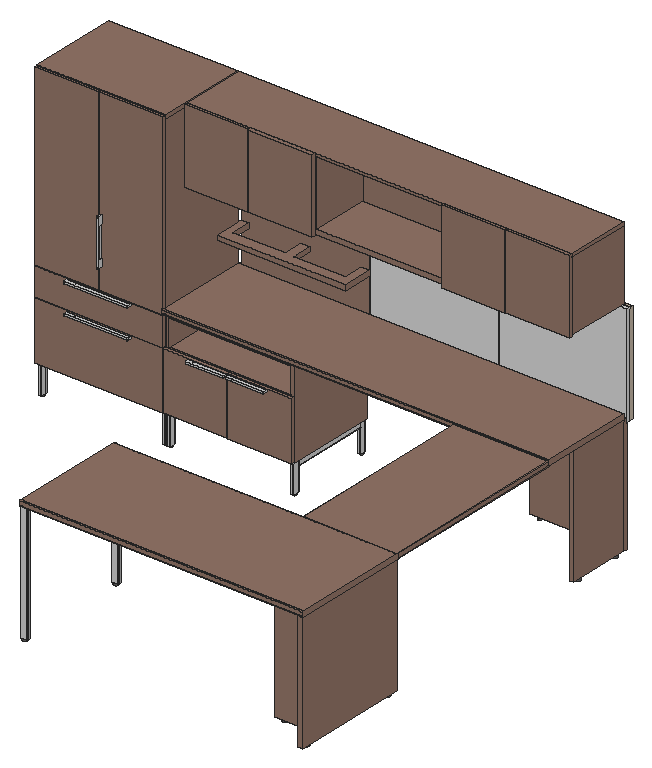
Revit family "FLV011", category Furniture, Revit 2019 (continued)
Definition of nested family "JSI-Flux-Wardrobe-Pm_Ht"
  Forms (in)
    Extrusion 9, solid, material <- "Shelf"
      from -9.90625 to 9.25
    Extrusion 10, solid, material <- "Door Front"
      sketch origin (0, 0, 0) x (1, 0, 0) y (0, 1, 0)
        loop
          line (-35.97038, -10.3125) -> (-35.97038, -11.0625) -> (-18.09538, -11.0625) -> (-18.09538, -10.3125) -> (-35.97038, -10.3125)
      from 7.3125 to 69.09375
    Extrusion 11, solid, material <- "Chassis", visible <- "Partition"
      sketch origin (0, 0, 0) x (1, 0, 0) y (0, 1, 0)
        loop
          line (-24.78288, 9.90625) -> (-24.78288, -10.25) -> (-24.03288, -10.25) -> (-24.03288, 9.90625) -> (-24.78288, 9.90625)
      from 7.9375 to 68.46875
    Extrusion 12, void
      sketch origin (0, 0, 0) x (1, 0, 0) y (0, 1, 0)
        loop
          line (-24.09538, -10.3125) -> (-24.09538, -11.3125) -> (-23.97038, -11.3125) -> (-23.97038, -10.3125) -> (-24.09538, -10.3125)
      from 7.1875 to 69.21875
    Extrusion 13, void
      sketch origin (0, 0, 0) x (1, 0, 0) y (0, 0, 1)
        loop
          line (-36.06413, 27.625) -> (-24.06413, 27.625) -> (-24.06413, 27.75) -> (-36.06413, 27.75) -> (-36.06413, 27.625)
      from 10.3125 to 11.3125
    Extrusion 14, void
      sketch origin (0, 0, 0) x (1, 0, 0) y (0, 0, 1)
        loop
          line (-36.06413, 21) -> (-36.06413, 20.875) -> (-24.06413, 20.875) -> (-24.06413, 21) -> (-36.06413, 21)
      from 10.3125 to 11.3125
    Extrusion 15, void
      sketch origin (0, 0, 0) x (1, 0, 0) y (0, 0, 1)
        loop
          line (-36.06413, 69.21875) -> (-36.06413, 27.75) -> (-24.06413, 27.75) -> (-24.06413, 69.21875) -> (-36.06413, 69.21875)
      from 10.3125 to 11.3125
    Extrusion 16, void
      sketch origin (0, 0, 0) x (1, 0, 0) y (0, 1, 0)
        loop
          line (-24.09538, -12.3125) -> (-24.09538, -13.3125) -> (-23.97038, -13.3125) -> (-23.97038, -12.3125) -> (-24.09538, -12.3125)
      from 27.625 to 69.21875
  Cuts and joins
    Extrusion 12, Extrusion 13, Extrusion 14, Extrusion 15, Extrusion 16 cuts Extrusion 10
  Lines and regions (in)
    symbolic lines
      curve 1: line (-36.06413, 10.75, 0) -> (-36.06413, -10.28125, 0)
      curve 2: line (-18.00163, 10.75, 0) -> (-36.06413, 10.75, 0)
      curve 3: line (-18.00163, -10.28125, 0) -> (-36.06413, -10.28125, 0)
      curve 4: line (-18.00163, 10.75, 0) -> (-18.00163, -10.28125, 0)
      curve 15: line (-35.97038, -10.3125, 0) -> (-35.97038, -11.0625, 0)
      curve 16: line (-18.09538, -10.3125, 0) -> (-23.97038, -10.3125, 0)
      curve 17: line (-18.09538, -11.0625, 0) -> (-23.97038, -11.0625, 0)
      curve 18: line (-18.09538, -10.3125, 0) -> (-18.09538, -11.0625, 0)
      curve 21: line (-24.09538, -10.3125, 0) -> (-35.97038, -10.3125, 0)
      curve 22: line (-24.09538, -11.0625, 0) -> (-35.97038, -11.0625, 0)
      curve 29: line (45.63504, 0, 21) -> (-60, 0, 21)
    symbolic lines, detail levels medium+fine
      curve 5: line (-36.03288, 10.71875, 0) -> (-36.03288, -10.25, 0)
      curve 6: line (-35.28288, 10.71875, 0) -> (-35.28288, -10.25, 0)
      curve 7: line (-18.78288, 10.71875, 0) -> (-18.78288, -10.25, 0)
      curve 8: line (-18.03288, 10.71875, 0) -> (-18.03288, -10.25, 0)
      curve 9: line (-35.28288, 10.71875, 0) -> (-36.03288, 10.71875, 0)
      curve 10: line (-35.28288, -10.25, 0) -> (-36.03288, -10.25, 0)
      curve 11: line (-18.03288, 10.71875, 0) -> (-18.78288, 10.71875, 0)
      curve 12: line (-18.03288, -10.25, 0) -> (-18.78288, -10.25, 0)
      curve 13: line (-18.78288, 10.65625, 0) -> (-35.28288, 10.65625, 0)
      curve 14: line (-18.78288, 9.90625, 0) -> (-35.28288, 9.90625, 0)
    symbolic lines, visible <- "F"
      curve 19: line (-24.09538, -10.3125, 0) -> (-24.09538, -11.0625, 0)
      curve 20: line (-23.97038, -10.3125, 0) -> (-23.97038, -11.0625, 0)
    symbolic lines, visible <- "FD"
      curve 23: line (-24.09538, -10.3125, 0) -> (-23.97038, -10.3125, 0)
      curve 24: line (-24.09538, -11.0625, 0) -> (-23.97038, -11.0625, 0)
    symbolic lines, visible <- "Door Line"
      curve 25: line (-24.09538, -10.3125, 0) -> (-24.09538, -11.0625, 0)
      curve 26: line (-23.97038, -10.3125, 0) -> (-23.97038, -11.0625, 0)
    symbolic lines, visible <- "W"
      curve 27: line (-24.09538, -11.0625, 0) -> (-23.97038, -11.0625, 0)
      curve 28: line (-24.09538, -10.3125, 0) -> (-23.97038, -10.3125, 0)
  Dimensions and locks (in)
    locked: plane 2 "Center (Left/Right)" to plane 5 at 0.03125
    locked: plane 6 to plane 4 at 0.03125
    "Width": plane 2 "Center (Left/Right)" to plane 4
    locked: plane 7 to plane 3 "Center (Front/Back)" at 0.03125
    locked: plane 5 to plane 9 at 0.75
    locked: plane 10 to plane 6 at 0.75
    equal spacing: plane 2 "Center (Left/Right)", plane 11, plane 4
    "Height": plane 12 to plane 1
    locked: plane 12 to plane 16 at 0.75
    plane 13 to plane 1 = 0' - 7 3/16"
    locked: plane 15 to plane 14 at 0.75
    plane 18 to plane 17 to plane 7 = 0' - 0 3/4" locked, 0' - 0 1/16" locked
    plane 38 to plane 8 to plane 19 = 0' - 0 1/32", 0' - 0 1/32"
    locked: plane 9 to plane 20 at 1
    locked: plane 21 to plane 10 at 1
    locked: plane 19 to plane 22 at 1
    locked: plane 23 to plane 18 at 1
    locked: curve 5 to curve 6 at 0.75
    locked: curve 7 to curve 8 at 0.75
    locked: plane 25 to plane 13 at 0.125
    locked: plane 5 to plane 26 at 0.0625
    locked: plane 27 to plane 6 at 0.0625
    plane 28 to plane 11 to plane 29 = 0' - 0 1/16" locked, 0' - 0 1/16" locked
    locked: plane 12 to plane 30 at 0.125
    locked: plane 32 to plane 31 at 0.75
    "Bottom_Shelf_ Dist": plane 32 to plane 15
    "Bottom Door Height": plane 51 to plane 25
    plane 34 to plane 33 to plane 35 = 0' - 0 3/8" locked, 0' - 0 3/8" locked
    locked: plane 36 to plane 37 at 0.75
    locked: plane 24 to plane 38 at 0.75
    "Depth": plane 24 to plane 3 "Center (Front/Back)"
    "C_Shelf_Width": Extrusion 6 sketch curve to Extrusion 6 sketch curve
    "Bottom_Shelf_Width": Extrusion 7 sketch curve to Extrusion 7 sketch curve
    "H_Dist_Bottom_Shelf": Extrusion 7 to plane 9
    "H_Dist_C_Panel": Extrusion 6 to plane 9
    "Top_Shelf_Width": Extrusion 8 sketch curve to Extrusion 8 sketch curve
    locked: Extrusion 8 sketch curve to Extrusion 8 sketch curve at 0.75
    "Top_Shelf_Width": Extrusion 9 sketch curve to Extrusion 9 sketch curve
    locked: Extrusion 9 sketch curve to Extrusion 9 sketch curve at 0.75
    group 1 to group 2 = 0' - 0"  (x2)
    group 2 to group 1 = 1' - 1.24375"
    "H_Dist_Top_Shelf": Extrusion 8 to plane 2 "Center (Left/Right)"
    "Top_Shelf_Dist": plane 12 to Extrusion 8
    "Top_Shelf_Array_Dist": Extrusion 8 to Extrusion 9
    locked: plane 32 to plane 47 at 0.3125
    locked: plane 48 to plane 47 at 0.125
    plane 50 to plane 49 to plane 51 = 0' - 0 1/16" locked, 0' - 0 1/16" locked
    locked: plane 52 to plane 53 at 0.75
    "Partition Dist": plane 2 "Center (Left/Right)" to plane 52
    locked: plane 54 to plane 55 at 0.125
    "H_Dist_V_Void": plane 2 "Center (Left/Right)" to plane 54
    "H_Void_Width": plane 56 to plane 57
    "H_Void_H_Dist": plane 2 "Center (Left/Right)" to plane 56
    "V_Void_Dist": plane 39 to plane 38
    "H_Void_Top_Dist": plane 41 to plane 38
    "H_Void_C_Dist": plane 43 to plane 38
    "H_Void_Bottom_Dist": plane 45 to plane 38
    locked: plane 40 to plane 39 at 1
    locked: plane 42 to plane 41 at 1
    locked: plane 44 to plane 43 at 1
    locked: plane 46 to plane 45 at 1
    locked: plane 59 to plane 58 at 1
    "H_Void_Upper_Dist": plane 58 to plane 38
    equal spacing: plane 19, plane 61, plane 3 "Center (Front/Back)"
    locked: plane 12 to plane 62 at 3.625
    "Hanger_Dist": plane 2 "Center (Left/Right)" to plane 60
    locked: plane 47 to plane 66 at 0.20313
    locked: plane 51 to plane 67 at 0.20312
    "Top_Pull_Dist": plane 2 "Center (Left/Right)" to plane 63
    "C_Pull_Dist": plane 2 "Center (Left/Right)" to plane 64
    "Bottom_Pull_Dist": plane 2 "Center (Left/Right)" to plane 65
    equal spacing: plane 12, plane 70, plane 13
    "L_Vertical_Pull_Dist": plane 2 "Center (Left/Right)" to plane 68
    "R_Vertical_Pull_Dist": plane 2 "Center (Left/Right)" to plane 69
    "Top_2_Pull_Dist": plane 2 "Center (Left/Right)" to plane 71
    locked: plane 73 to plane 72 at 1
    "Top_V_Void_Dist": plane 72 to plane 41
    aligned and locked: level to plane 1
    aligned and locked: Extrusion 1 sketch curve to plane 5
    aligned and locked: Extrusion 1 sketch curve to plane 9
    aligned and locked: Extrusion 1 sketch curve to plane 7
    aligned and locked: Extrusion 2 sketch curve to plane 7
    aligned and locked: Extrusion 2 sketch curve to plane 6
    aligned and locked: Extrusion 2 sketch curve to plane 10
    aligned and locked: Extrusion 3 sketch curve to plane 17
    aligned and locked: Extrusion 3 sketch curve to plane 18
    aligned and locked: Extrusion 3 sketch curve to plane 9
    aligned and locked: Extrusion 3 sketch curve to plane 10
    aligned and locked: plane 16 to Extrusion 3
    aligned and locked: plane 3 "Center (Front/Back)" to Extrusion 4 sketch curve
    aligned and locked: plane 12 to Extrusion 4 sketch curve
    aligned and locked: plane 16 to Extrusion 4 sketch curve
    aligned and locked: plane 8 to Extrusion 4 sketch curve
    aligned and locked: Extrusion 4 to plane 2 "Center (Left/Right)"
    aligned and locked: plane 4 to Extrusion 4
    aligned and locked: Extrusion 3 to plane 13
    aligned and locked: plane 14 to Extrusion 5 sketch curve
    aligned and locked: plane 15 to Extrusion 5 sketch curve
    aligned and locked: plane 18 to Extrusion 5 sketch curve
    aligned and locked: plane 19 to Extrusion 5 sketch curve
    aligned and locked: Extrusion 5 to plane 9
    aligned and locked: plane 10 to Extrusion 5
    aligned and locked: plane 11 to nested 1
    aligned and locked: curve 1 to plane 2 "Center (Left/Right)"
    aligned and locked: curve 2 to plane 3 "Center (Front/Back)"
    aligned and locked: curve 4 to plane 4
    aligned and locked: curve 9 to plane 7
    aligned and locked: curve 11 to plane 7
    aligned and locked: curve 5 to plane 5
    aligned and locked: curve 7 to plane 10
    aligned and locked: plane 9 to curve 14
    aligned and locked: plane 10 to curve 13
    aligned and locked: plane 10 to curve 14
    aligned and locked: plane 24 to nested 1
    aligned and locked: plane 8 to Extrusion 4
    aligned and locked: plane 19 to Extrusion 1
    aligned and locked: curve 10 to plane 19
    aligned and locked: curve 12 to plane 19
    aligned and locked: plane 19 to Extrusion 2
    aligned and locked: Extrusion 6 sketch curve to plane 31
    aligned and locked: Extrusion 6 sketch curve to plane 32
    aligned and locked: Extrusion 6 to plane 18
    aligned and locked: plane 19 to Extrusion 6
    aligned and locked: Extrusion 7 sketch curve to plane 35
    aligned and locked: Extrusion 7 sketch curve to plane 34
    aligned and locked: Extrusion 8 to plane 18
    aligned and locked: plane 22 to Extrusion 8
    aligned and locked: Extrusion 8 to Extrusion 9
    aligned and locked: Extrusion 10 sketch curve to plane 26
    aligned and locked: Extrusion 10 sketch curve to plane 38
    aligned and locked: Extrusion 10 sketch curve to plane 24
    aligned and locked: Extrusion 10 sketch curve to plane 27
    aligned and locked: Extrusion 10 to plane 25
    aligned and locked: plane 30 to Extrusion 10
    aligned and locked: Extrusion 11 sketch curve to plane 52
    aligned and locked: Extrusion 11 sketch curve to plane 53
    aligned and locked: Extrusion 11 sketch curve to plane 18
    aligned and locked: Extrusion 11 sketch curve to plane 19
    aligned and locked: Extrusion 11 to plane 15
    aligned and locked: plane 16 to Extrusion 11
    aligned and locked: Extrusion 7 to plane 18
    aligned and locked: plane 19 to Extrusion 7
    aligned and locked: Extrusion 12 sketch curve to plane 54
    aligned and locked: Extrusion 12 sketch curve to plane 55
    aligned and locked: Extrusion 12 sketch curve to plane 39
    aligned and locked: Extrusion 12 sketch curve to plane 40
    aligned and locked: Extrusion 12 to plane 13
    aligned and locked: plane 12 to Extrusion 12
    aligned and locked: Extrusion 13 sketch curve to plane 47
    aligned and locked: Extrusion 13 sketch curve to plane 48
    aligned and locked: Extrusion 13 sketch curve to plane 56
    aligned and locked: Extrusion 13 sketch curve to plane 57
    aligned and locked: plane 42 to Extrusion 13
    aligned and locked: Extrusion 13 to plane 41
    aligned and locked: Extrusion 14 sketch curve to plane 50
    aligned and locked: Extrusion 14 sketch curve to plane 51
    aligned and locked: Extrusion 14 sketch curve to plane 56
    aligned and locked: Extrusion 14 sketch curve to plane 57
    aligned and locked: plane 46 to Extrusion 14
    aligned and locked: Extrusion 14 to plane 45
    aligned and locked: Extrusion 15 sketch curve to plane 12
    aligned and locked: Extrusion 15 sketch curve to plane 56
    aligned and locked: Extrusion 15 sketch curve to plane 57
    aligned and locked: Extrusion 15 sketch curve to plane 48
    aligned and locked: plane 59 to Extrusion 15
    aligned and locked: Extrusion 15 to plane 58
    aligned and locked: plane 60 to nested 2
    aligned and locked: plane 62 to nested 2
    aligned and locked: plane 61 to nested 2
    aligned and locked: nested 3 to plane 63
    aligned and locked: nested 4 to plane 65
    aligned and locked: plane 66 to nested 3
    aligned and locked: plane 67 to nested 4
    aligned and locked: plane 70 to nested 5
    aligned and locked: plane 68 to nested 5
    aligned and locked: plane 70 to nested 6
    aligned and locked: plane 69 to nested 6
    aligned and locked: plane 24 to nested 3
    aligned and locked: plane 24 to nested 4
    aligned and locked: plane 24 to nested 5
    aligned and locked: plane 24 to nested 6
    aligned and locked: plane 16 to Extrusion 1
    aligned and locked: plane 16 to Extrusion 2
    aligned and locked: curve 15 to plane 26
    aligned and locked: curve 16 to plane 38
    aligned and locked: curve 17 to plane 24
    aligned and locked: curve 18 to plane 27
    aligned and locked: plane 55 to curve 24
    aligned and locked: plane 38 to curve 23
    aligned and locked: plane 24 to curve 24
    aligned and locked: plane 66 to nested 7
    aligned and locked: nested 7 to plane 71
    aligned and locked: Extrusion 16 sketch curve to plane 54
    aligned and locked: Extrusion 16 sketch curve to plane 55
    aligned and locked: Extrusion 16 sketch curve to plane 72
    aligned and locked: Extrusion 16 sketch curve to plane 73
    aligned and locked: plane 12 to Extrusion 16
    aligned and locked: Extrusion 16 to plane 47
    aligned and locked: curve 25 to plane 54
    aligned and locked: curve 26 to plane 55
    aligned and locked: plane 38 to curve 26
    aligned and locked: plane 24 to curve 26
    aligned and locked: plane 24 to curve 27
    aligned and locked: plane 38 to curve 28
    aligned and locked: Extrusion 1 to plane 13
    aligned and locked: Extrusion 2 to plane 13
    aligned and locked: plane 11 to nested 8
    aligned and locked: nested 8 to plane 61
    aligned and locked: plane 13 to nested 8
    aligned and locked: nested 8 to plane 1
    aligned and locked: plane 13 to plane 14
  Automatic sketch dimensions
    plane 19 to Extrusion 1 sketch curve = 0' - 0"
    plane 19 to Extrusion 2 sketch curve = 0' - 0"
    plane 8 to curve 4 = 0' - 0"
    plane 18 to curve 14 = 0' - 0"
    plane 17 to curve 13 = 0' - 0"
    Extrusion 6 sketch curve to plane 9 = 0' - 0"
    Extrusion 7 sketch curve to plane 53 = 0' - 0"
  Nested families (in)
    nested 1: "Label 1-16" at (-27.03288, -11.0625, 0), type "DRWCFG"
    nested 2: "Hanger" at (-28.02501, 0.25, 65.59375), Hngr L <- "Hngr_L", Hngr R <- "Hngr_R", Hanger Finish <- "Pull Finish", type "HNGR"
      with Hngr R no, Hngr L yes, Hanger Finish none
    nested 3: "Bar Pull CL" at (-32.97814, -11.0625, 27.42188), visible <- "Top_Pull", Pull Line <- "Top_Pull", Pull Finish <- "Pull Finish", type "PL"
      with Pull Line yes, Pull Finish none, Stud 0' - 1.54911", Pull Width 0' - 10 27/32"
    nested 4: "Bar Pull CL" at (-32.97814, -11.0625, 20.67188), visible <- "Bottom Pull", Pull Line <- "Bottom Pull", Pull Finish <- "Pull Finish", type "PL"
      with Pull Line yes, Pull Finish none, Stud 0' - 1.54911", Pull Width 0' - 10 27/32"
    nested 5: "Bar Pull V" at (-27.55626, -11.0625, 38.20313), Pull R <- "V_Pull_L_R", Pull L <- "V_Pull_L_L", Pull Finish <- "Pull Finish", type "PL"
      with Pull R no, Pull L no, Pull Finish none, Tuks Width 0' - 1.80729", Pull Width 0' - 10 27/32"
    nested 6: "Bar Pull V" at (-26.99376, -11.0625, 38.20313), Pull R <- "V_Pull_R_R", Pull L <- "V_Pull_R_L", Pull Finish <- "Pull Finish", type "PL"
      with Pull R no, Pull L yes, Pull Finish none, Tuks Width 0' - 1.80729", Pull Width 0' - 10 27/32"
    nested 7: "Bar Pull CL" at (-13.82189, -11.0625, 27.42188), Pull Finish <- "Pull Finish", visible <- "Top_2_Pull", Pull Line <- "Top_2_Pull", type "PL"
      with Pull Line no, Pull Finish none, Stud 0' - 1.54911", Pull Width 0' - 10 27/32"
    nested 8: "LEGS" at (-36.06413, 10.71875, 0), LEGS <- "Legs", GLIDES <- "Glides", Width <- "Leg_Width", Depth <- "Leg_Depth", type "LG"
      with Width 1' - 6 1/16", LG yes, LEGS none, GLIDES none, Depth 1' - 8 15/16"
  Definition of nested family "Hanger"
    Parameters
      Hngr L [instance] = yes
      Hngr R [instance] = yes
      Hanger Finish [instance] = none
    Reference planes (in)
      plane 1 "Center Front/Back": y = 0
      plane 2: z = 0
      plane 3 "Center Left/Right": x = 3.24213
    Forms (in)
      Extrusion 1, solid, material <- "Hanger Finish", visible <- "Hngr R"
        sketch origin (0, 0, -65.69959) x (1, 0, 0) y (0, 0, 1)
          loop
            line (3.24213, 65.32459) -> (3.24213, 63.58858)
            arc (3.24213, 63.58858) -> (3.7521, 62.87944) -> (4.58667, 63.13722) r 0.74803
            line (4.58667, 63.13722) -> (4.85512, 63.492) -> (4.73078, 63.58608) -> (4.45513, 63.2218)
            arc (4.45513, 63.2218) -> (3.83, 63.04103) -> (3.47835, 63.58858) r 0.54433
            line (3.47835, 63.58858) -> (3.55698, 64.7131)
            arc (3.55698, 64.7131) -> (3.65039, 65.09816) -> (3.86566, 65.43082) r 1.18359
            line (3.86566, 65.43082) -> (3.6823, 65.63583) -> (3.37377, 65.35987)
            arc (3.37377, 65.35987) -> (3.31215, 65.32654) -> (3.24213, 65.32459) r 0.15109
        from -0.46747 to 0.46747
      Extrusion 2, void
        sketch origin (3.24213, 0, -65.69959) x (0, 1, 0) y (0, 0, 1)
          loop
            line (0.46747, 65.91904) -> (0.30479, 62.81504) -> (0.46747, 62.81504) -> (0.46747, 65.91904)
          loop
            line (-0.46747, 65.91904) -> (-0.46747, 62.81504) -> (-0.30479, 62.81504) -> (-0.46747, 65.91904)
        from -1.75548 to 1.75581
      Extrusion 3, solid, material <- "Hanger Finish", visible <- "Hngr L"
        sketch origin (6.48425, 0, -65.69959) x (-1, 0, 0) y (0, 0, -1)
          loop
            arc (3.24213, -65.32459) -> (3.31215, -65.32654) -> (3.37377, -65.35987) r 0.15109
            line (3.37377, -65.35987) -> (3.6823, -65.63583) -> (3.86566, -65.43082)
            arc (3.86566, -65.43082) -> (3.65039, -65.09816) -> (3.55698, -64.7131) r 1.18359
            line (3.55698, -64.7131) -> (3.47835, -63.58858)
            arc (3.47835, -63.58858) -> (3.83, -63.04103) -> (4.45513, -63.2218) r 0.54433
            line (4.45513, -63.2218) -> (4.73078, -63.58608) -> (4.85512, -63.492) -> (4.58667, -63.13722)
            arc (4.58667, -63.13722) -> (3.7521, -62.87944) -> (3.24213, -63.58858) r 0.74803
            line (3.24213, -63.58858) -> (3.24213, -65.32459)
        from -0.46747 to 0.46747
    Cuts and joins
      Extrusion 2 cuts Extrusion 3
      Extrusion 2 cuts Extrusion 1
    Dimensions and locks (in)
      aligned and locked: level to plane 2
  Definition of nested family "Bar Pull CL"
    Parameters
      Stud = Pull Width / 7  # 0' - 2.12054"
      Pull Width = 1' - 2 27/32"
      Pull Line [instance] = yes
      Pull Finish [instance] = none
    Reference planes (in)
      plane 1 "Center Front/Back": y = 0
      plane 2: z = 0
      plane 3 "Center Left/Right": x = 3.24213
    Forms (in)
      Extrusion 1, solid, material <- "Pull Finish"
        sketch origin (0, 0, 0) x (1, 0, 0) y (0, 1, 0)
          loop
            line (-4.17975, 0) -> (-4.17975, -0.85113)
            arc (-4.17975, -0.85113) -> (-4.15229, -0.91742) -> (-4.086, -0.94488) r 0.09375
            line (-4.086, -0.94488) -> (10.58526, -0.94488)
            arc (10.58526, -0.94488) -> (10.64094, -0.92182) -> (10.664, -0.86614) r 0.07874
            line (10.664, -0.86614) -> (10.664, 0) -> (8.54347, 0) -> (8.54347, -0.70177)
            arc (8.54347, -0.70177) -> (8.50685, -0.79016) -> (8.41847, -0.82677) r 0.125
            line (8.41847, -0.82677) -> (-1.93421, -0.82677)
            arc (-1.93421, -0.82677) -> (-2.0226, -0.79016) -> (-2.05921, -0.70177) r 0.125
            line (-2.05921, -0.70177) -> (-2.05921, 0) -> (-4.17975, 0)
        from -0.43307 to -0.11811
      Extrusion 2, solid, material <- "Pull Finish"
        sketch origin (0, 0, 0) x (1, 0, 0) y (0, 1, 0)
          loop
            line (-4.17975, 0) -> (-4.17975, -0.85113)
            arc (-4.17975, -0.85113) -> (-4.15229, -0.91742) -> (-4.086, -0.94488) r 0.09375
            line (-4.086, -0.94488) -> (10.58526, -0.94488)
            arc (10.58526, -0.94488) -> (10.64094, -0.92182) -> (10.664, -0.86614) r 0.07874
            line (10.664, -0.86614) -> (10.664, 0) -> (-4.17975, 0)
        from 0 to -0.11811
    Cuts and joins
      joined: Extrusion 1, Extrusion 2
    Lines and regions (in)
      symbolic lines, visible <- "Pull Line"
        curve 1: line (-4.17975, 0, 0) -> (-4.17975, -0.85113, 0)
        curve 2: line (10.664, -0.86614, 0) -> (10.664, 0, 0)
        curve 3: line (-4.086, -0.94488, 0) -> (10.58526, -0.94488, 0)
        curve 4: arc (-4.17975, -0.85113, 0) -> (-4.15229, -0.91742, 0) -> (-4.086, -0.94488, 0) r 0.09375
        curve 5: arc (10.58526, -0.94488, 0) -> (10.64094, -0.92182, 0) -> (10.664, -0.86614, 0) r 0.07874
    Dimensions and locks (in)
      equal spacing: Extrusion 1 sketch curve, plane 3 "Center Left/Right", Extrusion 1 sketch curve
      "Stud": Extrusion 1 sketch curve to Extrusion 1 sketch curve  (x2)
      "Pull Width": Extrusion 1 sketch curve to Extrusion 1 sketch curve
      aligned and locked: level to plane 2
      aligned and locked: Extrusion 2 sketch curve to Extrusion 1  (x2)
      aligned and locked: cut or joined group of Extrusion 1, Extrusion 2 to curve 1
      aligned and locked: curve 4 to cut or joined group of Extrusion 1, Extrusion 2
      aligned and locked: curve 5 to cut or joined group of Extrusion 1, Extrusion 2
      aligned and locked: plane 1 "Center Front/Back" to curve 1
      aligned and locked: plane 1 "Center Front/Back" to curve 2
    Automatic sketch dimensions
      plane 1 "Center Front/Back" to Extrusion 2 sketch curve = 0' - 0"
      plane 1 "Center Front/Back" to Extrusion 1 sketch curve = 0' - 0"  (x2)
      Extrusion 1 sketch curve to Extrusion 1 sketch curve = 0' - 0 3/32"
      Extrusion 1 sketch curve to Extrusion 1 sketch curve = 0' - 0 1/8"  (x2)
      Extrusion 1 sketch curve to Extrusion 1 sketch curve = 0' - 0.07874"
      plane 1 "Center Front/Back" to Extrusion 1 sketch curve = 0' - 0.70177"
      Extrusion 1 sketch curve to Extrusion 1 sketch curve = 0' - 0.85113"
  Definition of nested family "Bar Pull V"
    Parameters
      Tuks Width = Pull Width / 6  # 0' - 2.47917"
      Pull Width = 1' - 2 7/8"
      Pull R [instance] = yes
      Pull L [instance] = yes
      Pull Finish [instance] = none
    Reference planes (in)
      plane 1 "Center Front/Back": y = 0
      plane 2: z = 0
      plane 3 "Center Left/Right": x = 3.24213
      plane 4: z = 7.4375
      plane 5: z = -7.4375
      plane 6: z = 4.95833
      plane 7: z = -4.95833
    Forms (in)
      Extrusion 1, solid, material <- "Pull Finish", visible <- "Pull R"
        sketch origin (3.24213, 0, 3.24963) x (0, 0, -1) y (0, 1, 0)
          loop
            line (-4.18787, 0) -> (-4.18787, -0.85113)
            arc (-4.18787, -0.85113) -> (-4.16041, -0.91742) -> (-4.09412, -0.94488) r 0.09375
            line (-4.09412, -0.94488) -> (10.60839, -0.94488)
            arc (10.60839, -0.94488) -> (10.66407, -0.92182) -> (10.68713, -0.86614) r 0.07874
            line (10.68713, -0.86614) -> (10.68713, 0) -> (8.20796, 0) -> (8.20796, -0.70177)
            arc (8.20796, -0.70177) -> (8.17135, -0.79016) -> (8.08296, -0.82677) r 0.125
            line (8.08296, -0.82677) -> (-1.5837, -0.82677)
            arc (-1.5837, -0.82677) -> (-1.67209, -0.79016) -> (-1.7087, -0.70177) r 0.125
            line (-1.7087, -0.70177) -> (-1.7087, 0) -> (-4.18787, 0)
        from -0.43307 to -0.11811
      Extrusion 2, solid, material <- "Pull Finish", visible <- "Pull R"
        sketch origin (3.24213, 0, 3.24963) x (0, 0, -1) y (0, 1, 0)
          loop
            line (-4.18787, 0) -> (-4.18787, -0.85113)
            arc (-4.18787, -0.85113) -> (-4.16041, -0.91742) -> (-4.09412, -0.94488) r 0.09375
            line (-4.09412, -0.94488) -> (10.60839, -0.94488)
            arc (10.60839, -0.94488) -> (10.66407, -0.92182) -> (10.68713, -0.86614) r 0.07874
            line (10.68713, -0.86614) -> (10.68713, 0) -> (-4.18787, 0)
        from 0 to -0.11811
      Extrusion 3, solid, material <- "Pull Finish", visible <- "Pull L"
        sketch origin (3.24213, 0, 3.24963) x (0, 0, -1) y (0, -1, 0)
          loop
            line (-4.18787, 0) -> (-1.7087, 0) -> (-1.7087, 0.70177)
            arc (-1.7087, 0.70177) -> (-1.67209, 0.79016) -> (-1.5837, 0.82677) r 0.125
            line (-1.5837, 0.82677) -> (8.08296, 0.82677)
            arc (8.08296, 0.82677) -> (8.17135, 0.79016) -> (8.20796, 0.70177) r 0.125
            line (8.20796, 0.70177) -> (8.20796, 0) -> (10.68713, 0) -> (10.68713, 0.86614)
            arc (10.68713, 0.86614) -> (10.66407, 0.92182) -> (10.60839, 0.94488) r 0.07874
            line (10.60839, 0.94488) -> (-4.09412, 0.94488)
            arc (-4.09412, 0.94488) -> (-4.16041, 0.91742) -> (-4.18787, 0.85113) r 0.09375
            line (-4.18787, 0.85113) -> (-4.18787, 0)
        from -0.43307 to -0.11811
      Extrusion 4, solid, material <- "Pull Finish", visible <- "Pull L"
        sketch origin (3.24213, 0, 3.24963) x (0, 0, -1) y (0, -1, 0)
          loop
            line (-4.18787, 0) -> (10.68713, 0) -> (10.68713, 0.86614)
            arc (10.68713, 0.86614) -> (10.66407, 0.92182) -> (10.60839, 0.94488) r 0.07874
            line (10.60839, 0.94488) -> (-4.09412, 0.94488)
            arc (-4.09412, 0.94488) -> (-4.16041, 0.91742) -> (-4.18787, 0.85113) r 0.09375
            line (-4.18787, 0.85113) -> (-4.18787, 0)
        from 0 to -0.11811
    Cuts and joins
      joined: Extrusion 1, Extrusion 2
      joined: Extrusion 3, Extrusion 4
    Dimensions and locks (in)
      "Pull Width": plane 4 to plane 5
      "Tuks Width": plane 4 to plane 6
      "Tuks Width": plane 7 to plane 5
      equal spacing: plane 4, plane 2, plane 5
      aligned and locked: level to plane 2
      aligned and locked: Extrusion 2 sketch curve to Extrusion 1  (x2)
      aligned and locked: Extrusion 4 sketch curve to Extrusion 3  (x2)
      aligned and locked: plane 4 to cut or joined group of Extrusion 1, Extrusion 2  (x3)
      aligned and locked: plane 4 to cut or joined group of Extrusion 3, Extrusion 4
      aligned and locked: cut or joined group of Extrusion 1, Extrusion 2 to plane 6
      aligned and locked: cut or joined group of Extrusion 3, Extrusion 4 to plane 6
      aligned and locked: plane 7 to cut or joined group of Extrusion 1, Extrusion 2
      aligned and locked: cut or joined group of Extrusion 1, Extrusion 2 to plane 5
      aligned and locked: cut or joined group of Extrusion 3, Extrusion 4 to plane 5
    Automatic sketch dimensions
      Extrusion 1 sketch curve to plane 4 = 0' - 0"
      Extrusion 1 sketch curve to plane 6 = 0' - 0"
      Extrusion 1 sketch curve to plane 1 "Center Front/Back" = 0' - 0"  (x2)
      Extrusion 1 sketch curve to plane 7 = 0' - 0"
      Extrusion 1 sketch curve to plane 5 = 0' - 0"
      Extrusion 1 sketch curve to Extrusion 1 sketch curve = 0' - 0 3/32"
      Extrusion 1 sketch curve to plane 6 = 0' - 0 1/8"
      plane 7 to Extrusion 1 sketch curve = 0' - 0 1/8"
      plane 5 to Extrusion 1 sketch curve = 0' - 0.07874"
      plane 1 "Center Front/Back" to Extrusion 1 sketch curve = 0' - 0.70177"
      Extrusion 1 sketch curve to Extrusion 1 sketch curve = 0' - 0.85113"
      Extrusion 2 sketch curve to plane 4 = 0' - 0"
      Extrusion 2 sketch curve to plane 5 = 0' - 0"
      Extrusion 2 sketch curve to Extrusion 2 sketch curve = 0' - 0 3/32"
      Extrusion 2 sketch curve to Extrusion 2 sketch curve = 0' - 0.07874"
      Extrusion 3 sketch curve to plane 4 = 0' - 0"
      Extrusion 3 sketch curve to plane 6 = 0' - 0"
      Extrusion 3 sketch curve to plane 1 "Center Front/Back" = 0' - 0"  (x2)
      Extrusion 3 sketch curve to plane 7 = 0' - 0"
      Extrusion 3 sketch curve to plane 5 = 0' - 0"
      Extrusion 3 sketch curve to plane 4 = 0' - 0 3/32"
      Extrusion 3 sketch curve to plane 6 = 0' - 0 1/8"
      plane 7 to Extrusion 3 sketch curve = 0' - 0 1/8"
      plane 5 to Extrusion 3 sketch curve = 0' - 0.07874"
      plane 1 "Center Front/Back" to Extrusion 3 sketch curve = 0' - 0.70177"
      Extrusion 3 sketch curve to Extrusion 3 sketch curve = 0' - 0.85113"
      Extrusion 4 sketch curve to plane 4 = 0' - 0"
      Extrusion 4 sketch curve to plane 5 = 0' - 0"
      Extrusion 4 sketch curve to plane 4 = 0' - 0 3/32"
      Extrusion 4 sketch curve to Extrusion 4 sketch curve = 0' - 0.07874"
  Definition of nested family "LEGS"
    Parameters
      Width [instance] = 2' - 6"
      LG [instance] = yes
      LEGS [instance] = none
      GLIDES [instance] = none
      Depth [instance] = 1' - 9 3/32"
    Reference planes (in)
      plane 1 "Center Front/Back": y = 0
      plane 2: z = 0
      plane 3 "Center Left/Right": x = 0
      plane 4: x = 30
      plane 5: y = -21.09375
      plane 6: x = 0.21441
      plane 7: x = 0.96441
      plane 8: x = 29.03125
      plane 9: x = 29.78125
      plane 10: z = 7.1875
      plane 11: y = -0.0625
      plane 12: y = -1.5625
      plane 13: y = -19.53125
      plane 14: y = -21.03125
      plane 15: y = -10.54687
      plane 16: x = 15
      plane 17: z = 0.30625
    Forms (in)
      Extrusion 1, solid, material <- "LEGS", visible <- "LG"
        sketch origin (0, 0, 0) x (1, 0, 0) y (0, 1, 0)
          loop
            arc (0.33941, -0.0625) -> (0.25102, -0.09911) -> (0.21441, -0.1875) r 0.125
            line (0.21441, -0.1875) -> (0.21441, -1.4375)
            arc (0.21441, -1.4375) -> (0.25102, -1.52589) -> (0.33941, -1.5625) r 0.125
            line (0.33941, -1.5625) -> (0.83941, -1.5625)
            arc (0.83941, -1.5625) -> (0.9278, -1.52589) -> (0.96441, -1.4375) r 0.125
            line (0.96441, -1.4375) -> (0.96441, -0.1875)
            arc (0.96441, -0.1875) -> (0.9278, -0.09911) -> (0.83941, -0.0625) r 0.125
            line (0.83941, -0.0625) -> (0.33941, -0.0625)
          loop
            arc (29.15625, -0.0625) -> (29.06786, -0.09911) -> (29.03125, -0.1875) r 0.125
            line (29.03125, -0.1875) -> (29.03125, -1.4375)
            arc (29.03125, -1.4375) -> (29.06786, -1.52589) -> (29.15625, -1.5625) r 0.125
            line (29.15625, -1.5625) -> (29.65625, -1.5625)
            arc (29.65625, -1.5625) -> (29.74464, -1.52589) -> (29.78125, -1.4375) r 0.125
            line (29.78125, -1.4375) -> (29.78125, -0.1875)
            arc (29.78125, -0.1875) -> (29.74464, -0.09911) -> (29.65625, -0.0625) r 0.125
            line (29.65625, -0.0625) -> (29.15625, -0.0625)
          loop
            arc (29.15625, -19.53125) -> (29.06786, -19.56786) -> (29.03125, -19.65625) r 0.125
            line (29.03125, -19.65625) -> (29.03125, -20.90625)
            arc (29.03125, -20.90625) -> (29.06786, -20.99464) -> (29.15625, -21.03125) r 0.125
            line (29.15625, -21.03125) -> (29.65625, -21.03125)
            arc (29.65625, -21.03125) -> (29.74464, -20.99464) -> (29.78125, -20.90625) r 0.125
            line (29.78125, -20.90625) -> (29.78125, -19.65625)
            arc (29.78125, -19.65625) -> (29.74464, -19.56786) -> (29.65625, -19.53125) r 0.125
            line (29.65625, -19.53125) -> (29.15625, -19.53125)
          loop
            arc (0.33941, -19.53125) -> (0.25102, -19.56786) -> (0.21441, -19.65625) r 0.125
            line (0.21441, -19.65625) -> (0.21441, -20.90625)
            arc (0.21441, -20.90625) -> (0.25102, -20.99464) -> (0.33941, -21.03125) r 0.125
            line (0.33941, -21.03125) -> (0.83941, -21.03125)
            arc (0.83941, -21.03125) -> (0.9278, -20.99464) -> (0.96441, -20.90625) r 0.125
            line (0.96441, -20.90625) -> (0.96441, -19.65625)
            arc (0.96441, -19.65625) -> (0.9278, -19.56786) -> (0.83941, -19.53125) r 0.125
            line (0.83941, -19.53125) -> (0.33941, -19.53125)
        from 0.30625 to 7.1875
      Extrusion 2, solid, material <- "LEGS", visible <- "LG"
        sketch origin (0, 0, 0) x (1, 0, 0) y (0, 0, 1)
          loop
            line (0.33941, 5.6875) -> (0.83941, 5.6875)
            arc (0.83941, 5.6875) -> (0.9278, 5.72411) -> (0.96441, 5.8125) r 0.125
            line (0.96441, 5.8125) -> (0.96441, 7.0625)
            arc (0.96441, 7.0625) -> (0.9278, 7.15089) -> (0.83941, 7.1875) r 0.125
            line (0.83941, 7.1875) -> (0.33941, 7.1875)
            arc (0.33941, 7.1875) -> (0.25102, 7.15089) -> (0.21441, 7.0625) r 0.125
            line (0.21441, 7.0625) -> (0.21441, 5.8125)
            arc (0.21441, 5.8125) -> (0.25102, 5.72411) -> (0.33941, 5.6875) r 0.125
          loop
            line (29.15625, 5.6875) -> (29.65625, 5.6875)
            arc (29.65625, 5.6875) -> (29.74464, 5.72411) -> (29.78125, 5.8125) r 0.125
            line (29.78125, 5.8125) -> (29.78125, 7.0625)
            arc (29.78125, 7.0625) -> (29.74464, 7.15089) -> (29.65625, 7.1875) r 0.125
            line (29.65625, 7.1875) -> (29.15625, 7.1875)
            arc (29.15625, 7.1875) -> (29.06786, 7.15089) -> (29.03125, 7.0625) r 0.125
            line (29.03125, 7.0625) -> (29.03125, 5.8125)
            arc (29.03125, 5.8125) -> (29.06786, 5.72411) -> (29.15625, 5.6875) r 0.125
        from 1.5625 to 19.53125
      Extrusion 3, solid, material <- "LEGS", visible <- "LG"
        sketch origin (0, 0, 0) x (0, 1, 0) y (0, 0, 1)
          loop
            line (-10.03125, 6.9375) -> (-11.0625, 6.9375)
            arc (-11.0625, 6.9375) -> (-11.15089, 6.90089) -> (-11.1875, 6.8125) r 0.125
            line (-11.1875, 6.8125) -> (-11.1875, 5.8125)
            arc (-11.1875, 5.8125) -> (-11.15089, 5.72411) -> (-11.0625, 5.6875) r 0.125
            line (-11.0625, 5.6875) -> (-10.03125, 5.6875)
            arc (-10.03125, 5.6875) -> (-9.94286, 5.72411) -> (-9.90625, 5.8125) r 0.125
            line (-9.90625, 5.8125) -> (-9.90625, 6.8125)
            arc (-9.90625, 6.8125) -> (-9.94286, 6.90089) -> (-10.03125, 6.9375) r 0.125
        from 0.96441 to 29.03125
      Extrusion 4, solid, material <- "GLIDES", visible <- "LG"
        sketch origin (0, 0, 0) x (1, 0, 0) y (0, 1, 0)
          loop
            circle (0.58941, -0.8125) r 0.375
          loop
            circle (0.58941, -20.25) r 0.375
          loop
            circle (29.41059, -0.8125) r 0.375
          loop
            circle (29.41059, -20.25) r 0.375
        from 0 to 0.30625
    Dimensions and locks (in)
      "Width": plane 3 "Center Left/Right" to plane 4
      "Depth": plane 1 "Center Front/Back" to plane 5
      plane 13 to plane 14 to plane 5 = 0' - 1 1/2" locked, 0' - 0 1/16" locked
      plane 1 "Center Front/Back" to plane 11 to plane 12 = 0' - 0 1/16" locked, 0' - 1 1/2" locked
      plane 3 "Center Left/Right" to plane 6 to plane 7 = 0' - 0.21441" locked, 0' - 0 3/4" locked
      plane 8 to plane 9 to plane 4 = 0' - 0 3/4" locked, 0' - 0 7/32" locked
      locked: plane 10 to Extrusion 2 sketch curve at 1.5  (x2)
      plane 10 to Extrusion 3 sketch curve to Extrusion 3 sketch curve = 0' - 0 1/4" locked, 0' - 1 1/4" locked
      equal spacing: plane 3 "Center Left/Right", plane 16, plane 4
      equal spacing: plane 5, plane 15, plane 1 "Center Front/Back"
      equal spacing: Extrusion 3 sketch curve, plane 15, Extrusion 3 sketch curve, locked at 0.64063 each
      locked: plane 13 to Extrusion 4 sketch curve at 0.71875  (x2)
      locked: Extrusion 4 sketch curve to plane 7 at 0.375  (x2)
      locked: Extrusion 4 sketch curve to plane 12 at 0.75  (x2)
      locked: plane 8 to Extrusion 4 sketch curve at 0.37934  (x2)
      plane 10 to plane 17 to plane 2 = 0' - 6.88125" locked, 0' - 0.30625" locked
      aligned and locked: level to plane 2
      aligned and locked: Extrusion 1 sketch curve to plane 11  (x2)
      aligned and locked: plane 6 to Extrusion 1 sketch curve
      aligned and locked: plane 12 to Extrusion 1 sketch curve  (x2)
      aligned and locked: Extrusion 1 sketch curve to plane 7  (x2)
      aligned and locked: plane 8 to Extrusion 1 sketch curve  (x2)
      aligned and locked: Extrusion 1 sketch curve to plane 9  (x2)
      aligned and locked: Extrusion 1 sketch curve to plane 13  (x2)
      aligned and locked: plane 14 to Extrusion 1 sketch curve  (x2)
      aligned and locked: Extrusion 2 sketch curve to plane 6
      aligned and locked: plane 7 to Extrusion 2 sketch curve
      aligned and locked: plane 10 to Extrusion 2 sketch curve  (x2)
      aligned and locked: Extrusion 2 sketch curve to plane 8
      aligned and locked: plane 9 to Extrusion 2 sketch curve
      aligned and locked: plane 10 to Extrusion 1
      aligned and locked: plane 12 to Extrusion 2
      aligned and locked: Extrusion 2 to plane 13
      aligned and locked: Extrusion 3 to plane 7
      aligned and locked: plane 8 to Extrusion 3
      aligned and locked: Extrusion 1 to plane 17
      aligned and locked: Extrusion 4 to level
      aligned and locked: plane 17 to Extrusion 4
    Automatic sketch dimensions
      Extrusion 1 sketch curve to plane 6 = 0' - 0"
      Extrusion 1 sketch curve to Extrusion 1 sketch curve = 0' - 0 1/8"  (x7)
      plane 6 to Extrusion 1 sketch curve = 0' - 0 1/8"  (x2)
      Extrusion 1 sketch curve to plane 7 = 0' - 0 1/8"  (x2)
      plane 8 to Extrusion 1 sketch curve = 0' - 0 1/8"  (x4)
      Extrusion 1 sketch curve to plane 9 = 0' - 0 1/8"
      plane 6 to Extrusion 2 sketch curve = 0' - 0 1/8"  (x2)
      Extrusion 2 sketch curve to plane 7 = 0' - 0 1/8"
      Extrusion 2 sketch curve to Extrusion 2 sketch curve = 0' - 0 1/8"  (x2)
      plane 8 to Extrusion 2 sketch curve = 0' - 0 1/8"  (x2)
      Extrusion 2 sketch curve to plane 9 = 0' - 0 1/8"
      Extrusion 3 sketch curve to Extrusion 3 sketch curve = 0' - 0 1/8"  (x3)
      Extrusion 3 sketch curve to Extrusion 3 sketch curve = 0' - 0"
      Extrusion 3 sketch curve to plane 15 = 0' - 0 41/64"
      radius of Extrusion 4 sketch curve = 0' - 0 3/8"  (x4)
  Definition of nested family "Label 1-16"
    Parameters
      Model Name = "BF - BF - BF"
    Reference planes (in)
      plane 1: y = 0
      plane 2: x = 0
    Text (in)
      label "XX" at (0.00051, -0.12324, 0), shows "Model Name"
Definition of nested family "JSI-Flux-Workwall_Panel"
  Parameters (values of type "Type Catalog - Workwall Panel")
    Width = 3' - 6"
    URL = "www.jsifurniture.com"
    Type Comments = ""
    Tray = if(Tray_V_Dist < Depth, 2 > 1, 1 > 2)  # yes
    Tray_V_Dist = if(L_Bracket, (Depth + 0' 2"), (if(R_Bracket, (Depth + 0' 2"), (if(Acc, Cup Dist, Depth + 0' 2")))))  # 0' - 3 33/64"
    Tr = yes
    TAG = ""
    Support Width = if(Width > 3' 3", 2' 6", (if(Width > 2' 9", 2' 0", (if(Width > 2' 0", 1' 6", (if(Width > 1' 6", 1' 0", 0' 7")))))))  # 2' - 6"
    Support Height = if(Height > 3' 5", 0' 7 1/2", if(Height > 2' 8", 0' 11 1/2", 0' 2 1/4"))  # 0' - 2 1/4"
    Support = none
    Shelf = none
    Series = "FLUX"  # constant formula
    Tray_H_Dist = if(R, (Clip Dist + 0' 10 31/32"), (Clip Dist - 0' 10 31/32"))  # 1' - 0 1/32"
    R_Bracket_V_Dist = if(R_Bracket, 0' 0", Depth + 0' 2")  # 0' - 10 17/32"
    R_Bracket Dist = L_Bracket Dist  # 0' - 5 13/16"
    R_Bracket = no
    OH Elevation = 2' - 5"
    Model = ""
    Manufacturer = "JSI"  # constant formula
    L_Bracket_V_Dist = if(L_Bracket, 0' 0", Depth + 0' 2")  # 0' - 10 17/32"
    L_Bracket = no
    R = no
    Keynote = "12500"
    JSI Enviromental Website = "http://www.jsifurniture.com/jsi_sustainability_intro.php"
    Height = 2' - 0"
    Panel = none
    Description = ""
    Depth = 0' - 8 17/32"
    Cup Dist = if(Acc, 0' 3 33/64", Depth + 0' 2")  # 0' - 3 33/64"
    Cup_H_Dist = if(R, (if(Width > 3' 3", 0' 9", (if(Width > 3' 0", 0' 8", (if(Width > 2' 9", 0' 7", (if(Width > 2' 6", 0' 6", 0' 5")))))))), (if(Width > 3' 3", (Width - 0' 9"), (if(Width > 3' 0", (Width - 0' 8"), (if(Width > 2' 9", (Width - 0' 7"), (if(Width > 2' 6", (Width - 0' 6"), (Width - 0' 5"))))))))))  # 2' - 9"
    Cup = if(Cup Dist < Depth, 2 > 1, 1 > 2)  # yes
    Clip = if(Cup Dist < Depth, 2 > 1, 1 > 2)  # yes
    Chassis = none
    Clip Dist = if(R, ((Cup_H_Dist * 2) + 0' 1"), (Cup_H_Dist - (if(Width > 3' 3", 0' 10", (if(Width > 3' 0", 0' 9", (if(Width > 2' 9", 0' 8", (if(Width > 2' 6", 0' 7", 0' 6"))))))))))  # 1' - 11"
    Bracket Width = 1' - 0 1/4"
    L_Bracket Dist = (if(Width > 3' 3", 0' 5 13/16", (if(Width > 3' 0", 0' 4 13/16", (if(Width > 2' 9", 0' 3 13/16", (if(Width > 2' 6", 0' 2 13/16", 0' 1 13/16"))))))))  # 0' - 5 13/16"
    Bracket Depth = 0' - 4 3/4"
    Assembly Code = "E2020200"
    Accessories = none
    Acc = yes
  Reference planes (in)
    plane 1: z = 0
    plane 2 "Center (Left/Right)": x = -36.06413
    plane 3 "Center (Front/Back)": y = 10.75
    plane 4: x = 5.93587
    plane 5: y = 10
    plane 6: y = 9.25
    plane 7: x = -15.06413
    plane 8: x = -33.06413
    plane 9: x = 2.93587
    plane 10: z = 53
    plane 11: z = 52.5
    plane 12: z = 49.5
    plane 13: z = 47.25
    plane 14: z = 31.25
    plane 15: z = 33.5
    plane 16: z = 48
    plane 17: z = 32
    plane 18: x = -30.06413
    plane 19: x = -0.06413
    plane 20: z = 29
    plane 21: z = 38.28125
    plane 22: z = 39.46875
    plane 23: y = 2.21875
    plane 24: x = -3.06413
    plane 25: x = -13.06413
    plane 26: x = -24.03288
    plane 27: y = 5.73437
    plane 28: x = -28.67351
    plane 29: x = -19.39226
    plane 30: x = -27.04851
    plane 31: x = -21.01726
    plane 32: y = 7.35937
    plane 33: y = 4.10937
    plane 34: y = -6.03125
    plane 35: x = -30.25163
    plane 36: x = -18.00163
    plane 37: x = -12.12663
    plane 38: x = 0.12337
    plane 39: y = -1.28125
    plane 40: y = -6.03125
    plane 41: y = -1.28125
    plane 42: y = 5.73437
  Forms (in)
    Extrusion 1, solid, material <- "Panel"
      sketch origin (0, 0, 0) x (1, 0, 0) y (0, 1, 0)
        loop
          line (5.93587, 10) -> (-36.06413, 10) -> (-36.06413, 9.25) -> (5.93587, 9.25) -> (5.93587, 10)
      from 29 to 52.5
    Extrusion 2, solid, material <- "Chassis"
      sketch origin (0, 0, 0) x (1, 0, 0) y (0, 1, 0)
        loop
          line (-36.06413, 10.75) -> (-36.06413, 10) -> (-33.06413, 10) -> (-33.06413, 10.75) -> (-36.06413, 10.75)
      from 29 to 52.5
    Extrusion 3, solid, material <- "Chassis"
      sketch origin (0, 0, 0) x (1, 0, 0) y (0, 1, 0)
        loop
          line (2.93587, 10.75) -> (2.93587, 10) -> (5.93587, 10) -> (5.93587, 10.75) -> (2.93587, 10.75)
      from 29 to 52.5
    Extrusion 4, solid, material <- "Support"
      sketch origin (0, 0, 0) x (0, 1, 0) y (0, 0, 1)
        loop
          line (10.75, 52.5) -> (10, 52.5) -> (10, 49.5) -> (10.75, 49.5) -> (10.75, 52.5)
      from -33.06413 to 2.93587
    Extrusion 5, solid, material <- "Support"
      sketch origin (0, 0, 0) x (0, 1, 0) y (0, 0, 1)
        loop
          line (10.75, 48) -> (10.75, 49.5) -> (10, 49.5) -> (10, 48) -> (10.75, 48)
      from -30.06413 to -0.06413
    Extrusion 6, solid, material <- "Support"
      sketch origin (0, 0, 0) x (0, 1, 0) y (0, 0, 1)
        loop
          line (10.75, 48) -> (10, 48) -> (10, 47.25) -> (10.75, 47.25) -> (10.75, 48)
      from -30.06413 to -0.06413
    Extrusion 7, solid, material <- "Support"
      sketch origin (0, 0, 0) x (0, 1, 0) y (0, 0, 1)
        loop
          line (10.75, 33.5) -> (10, 33.5) -> (10, 32) -> (10.75, 32) -> (10.75, 33.5)
      from -30.06413 to -0.06413
    Extrusion 8, solid, material <- "Support"
      sketch origin (0, 0, 0) x (0, 1, 0) y (0, 0, 1)
        loop
          line (10.75, 32) -> (10, 32) -> (10, 31.25) -> (10.75, 31.25) -> (10.75, 32)
      from -30.06413 to -0.06413
    Extrusion 9, solid, material <- "Shelf"
      sketch origin (0, 0, 0) x (1, 0, 0) y (0, 1, 0)
        loop
          line (-36.06413, 9.25) -> (-36.06413, 2.21875) -> (5.93587, 2.21875) -> (5.93587, 9.25) -> (-36.06413, 9.25)
      from 38.28125 to 39.46875
    Extrusion 10, void
      sketch origin (0, 0, 0) x (1, 0, 0) y (0, 1, 0)
        loop
          circle (-3.06413, 5.73437) r 1.625
      from 38.28125 to 39.46875
    Extrusion 11, void
      sketch origin (0, 0, 0) x (1, 0, 0) y (0, 1, 0)
        loop
          circle (-13.06413, 5.73437) r 1.625
      from 38.28125 to 39.46875
    Extrusion 12, void
      sketch origin (0, 0, 0) x (1, 0, 0) y (0, 1, 0)
        loop
          line (-21.01726, 7.35937) -> (-27.04851, 7.35937)
          arc (-27.04851, 7.35937) -> (-28.67351, 5.73437) -> (-27.04851, 4.10937) r 1.625
          line (-27.04851, 4.10937) -> (-21.01726, 4.10937)
          arc (-21.01726, 4.10937) -> (-19.39226, 5.73437) -> (-21.01726, 7.35937) r 1.625
      from 38.28125 to 39.46875
    Extrusion 13, void
      sketch origin (0, 0, 0) x (1, 0, 0) y (0, 1, 0)
        loop
          line (-30.25163, -1.28125) -> (-30.25163, -6.03125) -> (-18.00163, -6.03125) -> (-18.00163, -1.28125) -> (-30.25163, -1.28125)
      from 38.28125 to 39.46875
    Extrusion 14, void
      sketch origin (0, 0, 0) x (1, 0, 0) y (0, 1, 0)
        loop
          line (0.12337, -1.28125) -> (-12.12663, -1.28125) -> (-12.12663, -6.03125) -> (0.12337, -6.03125) -> (0.12337, -1.28125)
      from 38.28125 to 39.46875
    Sweep 15, solid, material <- "Accessories", visible <- "Tray"
      path origin (0, 0, 0) x (1, 0, 0) y (0, 1, 0)
        loop
          line (-21.01726, 7.35937) -> (-27.04851, 7.35937)
          arc (-27.04851, 7.35937) -> (-28.67351, 5.73437) -> (-27.04851, 4.10937) r 1.625
          line (-27.04851, 4.10937) -> (-21.01726, 4.10937)
          arc (-21.01726, 4.10937) -> (-19.39226, 5.73437) -> (-21.01726, 7.35937) r 1.625
      profile origin (-24.03288, 7.35937, 0) x (0, -1, 0) y (0, 0, 1)
        loop
          arc (0, 39.46875) -> (0.54949, 38.60245) -> (1.52387, 38.28153) r 1.52225
          line (1.52387, 38.28153) -> (1.52387, 38.34405)
          arc (1.52387, 38.34405) -> (0.58814, 38.65157) -> (0.06075, 39.48346) r 1.45975
          arc (0.06075, 39.48346) -> (-0.08554, 39.59111) -> (-0.21979, 39.46875) r 0.14324
          line (-0.21979, 39.46875) -> (-0.15609, 39.46875)
          arc (-0.15609, 39.46875) -> (-0.07805, 39.5288) -> (0, 39.46875) r 0.08074
    Extrusion 16, solid, material <- "Accessories", visible <- "Tray"
      sketch origin (0, 0, 0) x (1, 0, 0) y (0, 1, 0)
        loop
          arc (-27.04851, 5.83551) -> (-27.14964, 5.73437) -> (-27.04851, 5.63324) r 0.10113
          line (-27.04851, 5.63324) -> (-21.01726, 5.63324)
          arc (-21.01726, 5.63324) -> (-20.91613, 5.73437) -> (-21.01726, 5.83551) r 0.10113
          line (-21.01726, 5.83551) -> (-27.04851, 5.83551)
      from 38.28153 to 38.34405
    Revolve 17, solid, material <- "Accessories", visible <- "Clip"
      sketch origin (163.13476, 5.73437, 48) x (1, 0, 0) y (0, 0, 1)
        loop
          arc (-176.19889, -9.71903) -> (-175.17945, -9.40847) -> (-174.57389, -8.53153) r 1.61904
          arc (-174.57389, -8.53153) -> (-174.49599, -8.47209) -> (-174.41788, -8.53125) r 0.08096
          line (-174.41788, -8.53125) -> (-174.35405, -8.53125)
          arc (-174.35405, -8.53125) -> (-174.4875, -8.40983) -> (-174.63414, -8.51492) r 0.14346
          arc (-174.63414, -8.51492) -> (-175.21733, -9.35873) -> (-176.19889, -9.65648) r 1.55654
          line (-176.19889, -9.65648) -> (-176.19889, -9.71903)
        axis (-176.19889, -8.51492) -> (-176.19889, -9.71903)
      angle from 0 to 360
    Revolve 18, solid, material <- "Accessories", visible <- "Cup"
      sketch origin (163.13476, 5.73437, 48) x (1, 0, 0) y (0, 0, 1)
        loop
          arc (-164.57389, -8.53125) -> (-164.44889, -8.40625) -> (-164.32389, -8.53125) r 0.125
          line (-164.32389, -8.53125) -> (-164.26139, -8.53125)
          arc (-164.26139, -8.53125) -> (-164.44889, -8.34375) -> (-164.63639, -8.53125) r 0.1875
          line (-164.63639, -8.53125) -> (-164.63639, -12.78125)
          arc (-164.63639, -12.78125) -> (-164.6547, -12.82544) -> (-164.69889, -12.84375) r 0.0625
          line (-164.69889, -12.84375) -> (-166.19889, -12.84375) -> (-166.19889, -12.90625) -> (-164.69889, -12.90625)
          arc (-164.69889, -12.90625) -> (-164.6105, -12.86964) -> (-164.57389, -12.78125) r 0.125
          line (-164.57389, -12.78125) -> (-164.57389, -8.53125)
        axis (-166.19889, -8.53125) -> (-166.19889, -12.90625)
      angle from 0 to 360
  Cuts and joins
    Extrusion 10, Extrusion 11, Extrusion 12, Extrusion 13, Extrusion 14 cuts Extrusion 9
  Lines and regions (in)
    symbolic lines
      curve 1: line (-36.06413, 10.75, 0) -> (-36.06413, 9.25, 0)
      curve 2: line (5.93587, 10.75, 0) -> (5.93587, 9.25, 0)
      curve 3: line (5.93587, 10.75, 0) -> (-36.06413, 10.75, 0)
      curve 4: line (5.93587, 9.25, 0) -> (-36.06413, 9.25, 0)
      curve 5: line (-36.06413, 9.25, 0) -> (-36.06413, 2.21875, 0)
      curve 6: line (5.93587, 9.25, 0) -> (5.93587, 2.21875, 0)
      curve 7: line (5.93587, 2.21875, 0) -> (-36.06413, 2.21875, 0)
    symbolic lines, visible <- "Tr"
      curve 8: line (-21.01726, 7.35937, 0) -> (-27.04851, 7.35937, 0)
      curve 9: arc (-27.04851, 7.35937, 0) -> (-28.67351, 5.73437, 0) -> (-27.04851, 4.10937, 0) r 1.625
      curve 10: line (-27.04851, 4.10937, 0) -> (-21.01726, 4.10937, 0)
      curve 11: arc (-21.01726, 4.10937, 0) -> (-19.39226, 5.73437, 0) -> (-21.01726, 7.35937, 0) r 1.625
    symbolic lines, visible <- "Acc"
      curve 12: arc (-11.43913, 5.73437, 0) -> (-13.06413, 7.35937, 0) -> (-14.68913, 5.73437, 0) r 1.625
      curve 13: arc (-14.68913, 5.73437, 0) -> (-13.06413, 4.10937, 0) -> (-11.43913, 5.73437, 0) r 1.625
      curve 14: arc (-1.43913, 5.73437, 0) -> (-3.06413, 7.35937, 0) -> (-4.68913, 5.73437, 0) r 1.625
      curve 15: arc (-4.68913, 5.73437, 0) -> (-3.06413, 4.10937, 0) -> (-1.43913, 5.73437, 0) r 1.625
    symbolic lines, visible <- "L_Bracket"
      curve 16: line (-30.25163, -1.28125, 0) -> (-30.25163, -6.03125, 0)
      curve 17: line (-30.25163, -6.03125, 0) -> (-18.00163, -6.03125, 0)
      curve 18: line (-18.00163, -6.03125, 0) -> (-18.00163, -1.28125, 0)
    symbolic lines, visible <- "R_Bracket"
      curve 19: line (-12.12663, -6.03125, 0) -> (0.12337, -6.03125, 0)
      curve 20: line (0.12337, -6.03125, 0) -> (0.12337, -1.28125, 0)
      curve 21: line (-12.12663, -1.28125, 0) -> (-12.12663, -6.03125, 0)
  Dimensions and locks (in)
    locked: plane 5 to plane 3 "Center (Front/Back)" at 0.75
    "Width": plane 2 "Center (Left/Right)" to plane 4
    equal spacing: plane 2 "Center (Left/Right)", plane 7, plane 4
    locked: plane 2 "Center (Left/Right)" to plane 8 at 3
    locked: plane 9 to plane 4 at 3
    plane 10 to plane 11 to plane 12 = 0' - 0 1/2" locked, 0' - 3" locked
    locked: plane 12 to plane 13 at 2.25
    locked: plane 15 to plane 14 at 2.25
    locked: plane 15 to plane 17 at 1.5
    locked: plane 12 to plane 16 at 1.5
    "Support Width": plane 18 to plane 19
    equal spacing: plane 18, plane 7, plane 19
    "OH Elevation": plane 20 to plane 1
    "Support Height": plane 14 to plane 20
    locked: plane 22 to plane 21 at 1.1875
    locked: plane 6 to plane 5 at 0.75
    "Depth": plane 23 to plane 3 "Center (Front/Back)"
    locked: plane 11 to plane 22 at 13.03125
    plane 28 to plane 26 to plane 29 = 0' - 4 41/64" locked, 0' - 4 41/64" locked
    locked: plane 28 to plane 30 at 1.625
    locked: plane 31 to plane 29 at 1.625
    "Cup_H_Dist": plane 2 "Center (Left/Right)" to plane 24
    "Clip Dist": plane 2 "Center (Left/Right)" to plane 25
    "Tray_H_Dist": plane 2 "Center (Left/Right)" to plane 26
    "Bracket Width": plane 35 to plane 36
    "L_Bracket Dist": plane 2 "Center (Left/Right)" to plane 35
    "Bracket Width": plane 37 to plane 38
    "R_Bracket Dist": plane 38 to plane 4
    locked: plane 33 to plane 32 at 3.25
    "Bracket Depth": plane 34 to plane 39
    "L_Bracket_V_Dist": plane 39 to plane 6
    "Bracket Depth": plane 40 to plane 41
    "R_Bracket_V_Dist": plane 41 to plane 6
    "Cup Dist": plane 27 to plane 6
    locked: plane 42 to plane 32 at 1.625
    "Tray_V_Dist": plane 42 to plane 6
    "Height": plane 10 to plane 20
    Sweep 15 sketch curve to Sweep 15 sketch curve to Sweep 15 sketch curve to Sweep 15 sketch curve to Sweep 15 sketch curve to plane 42 = 0' - 0.06369" locked, 0' - 0.15609" locked, 0' - 0.06075" locked, 0' - 1.46311" locked, 0' - 0.10113" locked
    Sweep 15 sketch curve to Sweep 15 sketch curve to plane 22 to Sweep 15 sketch curve to Sweep 15 sketch curve = 0' - 0 1/16" locked, 0' - 0.06005" locked, 0' - 1.1247" locked, 0' - 0.06252" locked
    Revolve 17 sketch curve to Revolve 17 sketch curve to Revolve 17 sketch curve to Revolve 17 sketch curve to plane 25 = 0' - 0.06382" locked, 0' - 0.15601" locked, 0' - 0.06025" locked, 0' - 1.56475" locked
    Revolve 17 sketch curve to Revolve 17 sketch curve to plane 22 to Revolve 17 sketch curve to Revolve 17 sketch curve = 0' - 0 1/16" locked, 0' - 0.05916" locked, 0' - 1.12523" locked, 0' - 0.06255" locked
    Revolve 18 sketch curve to Revolve 18 sketch curve to Revolve 18 sketch curve to Revolve 18 sketch curve to plane 24 = 0' - 0 1/16" locked, 0' - 0 1/4" locked, 0' - 0 1/16" locked, 0' - 1 9/16" locked
    Revolve 18 sketch curve to Revolve 18 sketch curve to plane 22 to Revolve 18 sketch curve to Revolve 18 sketch curve = 0' - 0 1/16" locked, 0' - 0 1/8" locked, 0' - 4 5/16" locked, 0' - 0 1/16" locked
    radius of Extrusion 10 sketch curve = 0' - 1 5/8"
    radius of Extrusion 11 sketch curve = 0' - 1 5/8"
    radius of Extrusion 12 sketch curve = 0' - 1 5/8"  (x2)
    aligned and locked: level to plane 1
    aligned and locked: Extrusion 1 sketch curve to plane 5
    aligned and locked: Extrusion 1 sketch curve to plane 6
    aligned and locked: Extrusion 1 sketch curve to plane 2 "Center (Left/Right)"
    aligned and locked: Extrusion 1 sketch curve to plane 4
    aligned and locked: plane 11 to Extrusion 1
    aligned and locked: Extrusion 1 to plane 20
    aligned and locked: Extrusion 2 sketch curve to plane 2 "Center (Left/Right)"
    aligned and locked: Extrusion 2 sketch curve to plane 8
    aligned and locked: Extrusion 2 sketch curve to plane 5
    aligned and locked: Extrusion 2 sketch curve to plane 3 "Center (Front/Back)"
    aligned and locked: Extrusion 3 sketch curve to plane 9
    aligned and locked: Extrusion 3 sketch curve to plane 4
    aligned and locked: Extrusion 3 sketch curve to plane 5
    aligned and locked: Extrusion 3 sketch curve to plane 3 "Center (Front/Back)"
    aligned and locked: plane 11 to Extrusion 2
    aligned and locked: plane 11 to Extrusion 3
    aligned and locked: Extrusion 2 to plane 20
    aligned and locked: Extrusion 3 to plane 20
    aligned and locked: plane 11 to Extrusion 4 sketch curve
    aligned and locked: plane 12 to Extrusion 4 sketch curve
    aligned and locked: plane 3 "Center (Front/Back)" to Extrusion 4 sketch curve
    aligned and locked: plane 5 to Extrusion 4 sketch curve
    aligned and locked: Extrusion 4 to plane 8
    aligned and locked: plane 9 to Extrusion 4
    aligned and locked: plane 16 to Extrusion 5 sketch curve
    aligned and locked: plane 12 to Extrusion 5 sketch curve
    aligned and locked: plane 5 to Extrusion 5 sketch curve
    aligned and locked: plane 3 "Center (Front/Back)" to Extrusion 5 sketch curve
    aligned and locked: plane 16 to Extrusion 6 sketch curve
    aligned and locked: plane 13 to Extrusion 6 sketch curve
    aligned and locked: plane 3 "Center (Front/Back)" to Extrusion 6 sketch curve
    aligned and locked: plane 5 to Extrusion 6 sketch curve
    aligned and locked: plane 15 to Extrusion 7 sketch curve
    aligned and locked: plane 17 to Extrusion 7 sketch curve
    aligned and locked: plane 3 "Center (Front/Back)" to Extrusion 7 sketch curve
    aligned and locked: plane 5 to Extrusion 7 sketch curve
    aligned and locked: plane 17 to Extrusion 8 sketch curve
    aligned and locked: plane 14 to Extrusion 8 sketch curve
    aligned and locked: plane 3 "Center (Front/Back)" to Extrusion 8 sketch curve
    aligned and locked: plane 5 to Extrusion 8 sketch curve
    aligned and locked: Extrusion 5 to plane 18
    aligned and locked: Extrusion 6 to plane 18
    aligned and locked: plane 19 to Extrusion 5
    aligned and locked: plane 19 to Extrusion 6
    aligned and locked: Extrusion 8 to plane 18
    aligned and locked: Extrusion 7 to plane 18
    aligned and locked: plane 19 to Extrusion 8
    aligned and locked: plane 19 to Extrusion 7
    aligned and locked: curve 1 to plane 2 "Center (Left/Right)"
    aligned and locked: curve 2 to plane 4
    aligned and locked: curve 3 to plane 3 "Center (Front/Back)"
    aligned and locked: curve 4 to plane 6
    aligned and locked: Extrusion 9 sketch curve to plane 2 "Center (Left/Right)"
    aligned and locked: Extrusion 9 sketch curve to plane 23
    aligned and locked: Extrusion 9 sketch curve to plane 6
    aligned and locked: Extrusion 9 sketch curve to plane 4
